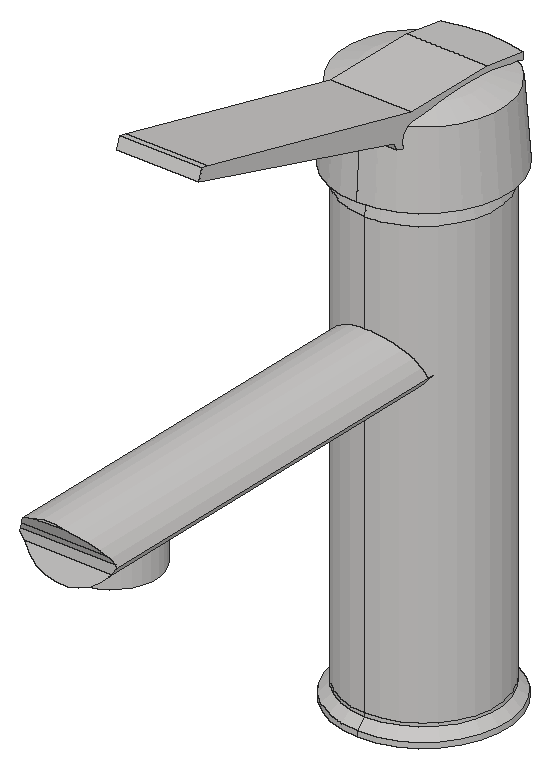
Revit family
Parameters
  WaterSupplyTemperatureMaximum = "55°C-85° (∆50°C : CW/HW)"
  WarrantyDurationUnit = "10 years"
  WarrantyDescription = "Any manufacturing defect"
  Version = "v1"
  SerialNumber = "3456330137034"
  Radius = 7.6 mm
  ProductInformation = "http://www.delabie.com/products/2721t"
  Operation = "Mechanical mixer"
  NominalWidth = 120 mm
  NominalHeight = 85 mm
  Name = "Mechanical mixer H. 85mm"
  ModelNumber = "2721T"
  Material = Brass
  ManufacturerURL = "http://www.delabie.com/"
  ManufacturerName = "DELABIE"
  IntegralAccessoryOptions = "Waste"
  IntegralAccessory = "F3/8\" PEX flexibles"
  Grade = "ACS - Ü ACCOUSTIQUE- DIN-DVGW - PZH"
  FlowRate lps = "0.08 lps at 3 bar"
  FlowRate lpm = "5 lpm at 3 bar"
  Finish = Chrome-plated
  Features  = "Mechanical basin mixer without pop-up waste.\r\nStraight spout H. 85mm L. 120mm with hygienic flow straightener.\r\nØ 40mm ceramic cartridge.\r\nPre-set maximum temperature limiter.\r\nFlow rate limited to 5 lpm at 3 bar.\r\nBody and spout with smooth interiors and low water volume.\r\nSolid control lever.\r\nF3/8\" PEX flexibles.\r\nReinforced fixing."
  Description = "French manufacturer Delabie is a leader in the European sanitary ware market for non-domestic places. Water controls, solutions for disabled people, sanitary ware, for schools, leisure centres, offices, hospitals, airports…"
  Category = "Basin mixer"
  Assembly Code = ""
  URL = "http://www.delabie.com/"
  Type Comments = "Deck-mounted mechanical mixer"
  Model = "Mechanical mixer H. 85mm"
  Manufacturer = "DELABIE"
Reference planes
  plane 1 "Center (Front/Back)": y = 0
  plane 2: z = 0
  plane 3 "Center (Left/Right)": x = 0
Forms (mm)
  Revolve 1, solid, material "Inox 304 poli brillant + Polymère"
    sketch origin (0, -9.649, 0) x (0, -1, 0) y (0, 0, 1)
      loop
        line (-33.848, 170.831) -> (-35.457, 147.83) -> (-31.568, 147.558) -> (-32.436, 142.634) -> (-32.436, 5.389) -> (-32.436, 4.434) -> (-35.214, 1.656) -> (-35.214, 0) -> (-9.649, 0) -> (-9.649, 173.966)
        arc (-9.649, 173.966) -> (-21.916, 173.692) -> (-33.848, 170.831) r 57.714
      axis (-9.649, 173.966) -> (-9.649, 0)
    angle from 0 to 360
  Extrusion 2, solid, material "Inox 304 poli brillant + Polymère"
    sketch origin (0, -143.102, 0) x (1, 0, 0) y (0, 0, 1)
      loop
        arc (-14.881, 100.545) -> (0.067, 92.163) -> (15.016, 100.545) r 17.521
        arc (15.016, 100.545) -> (0.067, 111.728) -> (-14.881, 100.545) r 15.583
    from 1.544 to -139.888
  Sweep 3, void
    path origin (0, -9.649, 0) x (0, -1, 0) y (1, 0, 0)
      loop
        line (137, 15.016) -> (137, -14.881)
    profile origin (0.067, -146.649, 0) x (0, -1, 0) y (0, 0, 1)
      loop
        line (-1.392, 111.728) -> (-8.198, 104.169) -> (-9.63, 101.688) -> (-9.63, 98.541) -> (-7.053, 92.161) -> (0, 92.161) -> (0, 111.728) -> (-1.392, 111.728)
  Extrusion 4, solid, material "Inox 304 poli brillant + Polymère"
    sketch origin (0, -9.649, 0) x (0, -1, 0) y (1, 0, 0)
      loop
        circle (110.351, 0) r 13.5
    from 89.786 to 100.545
  Extrusion 5, solid, material "Inox 304 poli brillant + Polymère"
    sketch origin (65, -9.649, -1.686) x (0, -1, 0) y (0, 0, 1)
      loop
        line (91.714, 196.552) -> (89.372, 196.139) -> (10.493, 176.473) -> (-18.684, 176.473) -> (-34.286, 173.821)
        arc (-34.286, 173.821) -> (-35.267, 173.415) -> (-35.674, 172.433) r 1.388
        line (-35.674, 172.433) -> (-34.042, 170.801)
        arc (-34.042, 170.801) -> (-30.854, 172.705) -> (-27.144, 172.862) r 7.559
        arc (-27.144, 172.862) -> (-8.218, 174.95) -> (10.79, 173.843) r 113.422
        arc (10.79, 173.843) -> (13.914, 171.609) -> (13.885, 167.769) r 4.169
        line (13.885, 167.769) -> (16.326, 168.377) -> (17.419, 170.721) -> (90.293, 192.412) -> (92.878, 193.353) -> (91.714, 196.552)
    from 52.448 to 77.552
  Sweep 6, void
    path origin (0, -9.649, 0) x (0, -1, 0) y (0, 0, 1)
      loop
        line (-34.68, 174.106) -> (-34.68, 165.791)
    profile origin (0, 25.031, 169.949) x (-1, 0, 0) y (0, -1, 0)
      loop
        line (-15.453, 3.697) -> (-15.453, -4.263) -> (15.254, -4.263) -> (15.254, 3.589)
        arc (15.254, 3.589) -> (-0.111, 0.422) -> (-15.453, 3.697) r 38.204
  Revolve 7, solid, material "Inox 304 poli brillant + Polymère", not visible
    sketch origin (49.028, -9.649, 0) x (0, -1, 0) y (0, 0, 1)
      loop
        line (-33.848, 170.831) -> (-35.457, 147.83) -> (-31.568, 147.558) -> (-32.436, 142.634) -> (-32.436, 5.389) -> (-32.436, 4.434) -> (-35.214, 1.656) -> (-35.214, 0) -> (-9.649, 0) -> (-9.649, 173.966)
        arc (-9.649, 173.966) -> (-21.916, 173.692) -> (-33.848, 170.831) r 57.714
      axis (-9.649, 173.966) -> (-9.649, 0)
    angle from 0 to 360
  Extrusion 8, solid, material "Inox 304 poli brillant + Polymère", not visible
    sketch origin (49.028, -143.102, 0) x (1, 0, 0) y (0, 0, 1)
      loop
        arc (-14.881, 100.545) -> (0.067, 92.163) -> (15.016, 100.545) r 17.521
        arc (15.016, 100.545) -> (0.067, 111.728) -> (-14.881, 100.545) r 15.583
    from 1.544 to -139.888
  Sweep 9, void, not visible
    path origin (49.028, -9.649, 0) x (0, -1, 0) y (1, 0, 0)
      loop
        line (137, 15.016) -> (137, -14.881)
    profile origin (49.096, -146.649, 0) x (0, -1, 0) y (0, 0, 1)
      loop
        line (-1.392, 111.728) -> (-8.198, 104.169) -> (-9.63, 101.688) -> (-9.63, 98.541) -> (-7.053, 92.161) -> (0, 92.161) -> (0, 111.728) -> (-1.392, 111.728)
  Extrusion 10, solid, material "Inox 304 poli brillant + Polymère", not visible
    sketch origin (49.028, -9.649, 0) x (0, -1, 0) y (1, 0, 0)
      loop
        circle (110.351, 0) r 13.5
    from 89.786 to 100.545
  Extrusion 11, solid, material "Inox 304 poli brillant + Polymère", not visible
    sketch origin (114.028, -9.649, -1.686) x (0, -1, 0) y (0, 0, 1)
      loop
        line (91.714, 196.552) -> (89.372, 196.139) -> (10.493, 176.473) -> (-18.684, 176.473) -> (-34.286, 173.821)
        arc (-34.286, 173.821) -> (-35.267, 173.415) -> (-35.674, 172.433) r 1.388
        line (-35.674, 172.433) -> (-34.042, 170.801)
        arc (-34.042, 170.801) -> (-30.854, 172.705) -> (-27.144, 172.862) r 7.559
        arc (-27.144, 172.862) -> (-8.218, 174.95) -> (10.79, 173.843) r 113.422
        arc (10.79, 173.843) -> (13.914, 171.609) -> (13.885, 167.769) r 4.169
        line (13.885, 167.769) -> (16.326, 168.377) -> (17.419, 170.721) -> (90.293, 192.412) -> (92.878, 193.353) -> (91.714, 196.552)
    from 52.448 to 77.552
  Sweep 12, void, not visible
    path origin (49.028, -9.649, 0) x (0, -1, 0) y (0, 0, 1)
      loop
        line (-34.68, 174.106) -> (-34.68, 165.791)
    profile origin (49.028, 25.031, 169.949) x (-1, 0, 0) y (0, -1, 0)
      loop
        line (-15.453, 3.697) -> (-15.453, -4.263) -> (15.254, -4.263) -> (15.254, 3.589)
        arc (15.254, 3.589) -> (-0.111, 0.422) -> (-15.453, 3.697) r 38.204
  Extrusion 13, solid
    sketch origin (0, 0, 0) x (1, 0, 0) y (0, 1, 0)
      loop
        circle (8.152, 0) r 7.6
      loop
        circle (-8.152, 0) r 7.6
    from 0 to 4.434
Cuts and joins
  Sweep 3 cuts Extrusion 2
  Sweep 6 cuts Revolve 1
  Sweep 6 cuts Extrusion 5
Dimensions and locks
  aligned and locked: cut or joined group of Revolve 1, Sweep 6 to cut or joined group of Revolve 1, Sweep 6
  aligned and locked: Extrusion 13 to cut or joined group of Revolve 1, Sweep 6
Connectors
  piping at (-8.152, 0, 0), driven by "Radius"
    settings: on Extrusion 13, index 1, connector radius 7.6 mm, flow factor 0, pipe flow 0.05 L/s, pressure drop 0.0 Pa, fitting loss kfactor 0, connector angle 0.00°, fixture units 0, flow configuration 0, flow direction 1, fitting loss method 0, system type 20, connector reference index -1, connector utility 0, adjustable connector no, is connector primary yes, fitting loss table "", connector description "In - Cold water"
  piping at (8.152, 0, 0), driven by "Radius"
    settings: on Extrusion 13, index 2, connector radius 7.6 mm, flow factor 0, pipe flow 0.05 L/s, pressure drop 0.0 Pa, fitting loss kfactor 0, connector angle 0.00°, fixture units 0, flow configuration 0, flow direction 1, fitting loss method 0, system type 19, connector reference index -1, connector utility 0, adjustable connector no, is connector primary no, fitting loss table "", connector description "In - Hot water"
